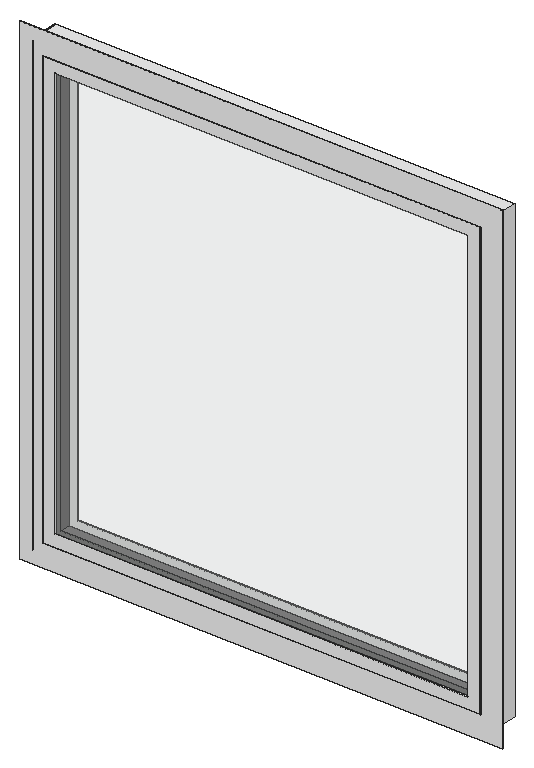
Revit family "Casement_34_F_Top_Hung_Custom", category Windows, host Wall, Revit 2014
Parameters (values of type "Casement_Sash_DG")
  Width Sash [instance] = 30 mm
  Width Sash Inner = 15 mm
  Width Bead = 15 mm
  Top Hung [instance] = yes
  Side Hung Right [instance] = yes
  Side Hung Left [instance] = yes
  Sash Opening Width [instance] = 600 mm
  Sash Opening Height [instance] = 600.312 mm
  Sash Lip = 15 mm
  Glazing Material [instance] = Glass
  DG Start Piece 2 [instance] = DG End Piece 1 + DG Gasket Thickness  # 25 mm
  DG Start Peice 1 [instance] = (Depth Sash - (2 * DG Glazing Thickness) - DG Gasket Thickness) / 2  # 6.6 mm
  Glazing Offset = 5 mm
  DG Glazing Thickness [instance] = 6.4 mm
  DG Gasket Thickness = 12 mm  # constant formula
  DG Gasket Material [instance] = Double Glazing Gasket Material
  DG End Piece 2 [instance] = DG Start Piece 2 + DG Glazing Thickness  # 31.4 mm
  DG End Piece 1 [instance] = DG Start Peice 1 + DG Glazing Thickness  # 13 mm
  Depth Sash [instance] = 38 mm
  Center Vertical Sash [instance] = Sash Opening Height / 2  # 300.156 mm
  Center Horizontal Sash [instance] = Sash Opening Width / 2  # 300 mm
  Bottom Hung [instance] = yes
  Bead Offset = 15 mm
  Aluminium Thickness = 1 mm
  Aluminium Material [instance] = White Powder Coated Aluminium
Reference planes
  plane 1 "Center (Front/Back)": y = 0
  plane 2: z = 0
  plane 3 "Center (Left/Right)": x = 0
Forms (mm)
  Sweep 1, solid, material "White Powder Coated Aluminium" <- "Aluminium Material"
    path origin (16.177, 0, 121.331) x (1, 0, 0) y (0, 0, 1)
      loop
        line (0, 0) -> (600, 0) -> (600, 600.312) -> (0, 600.312) -> (0, 0)
    profile origin (316.177, 0, 121.331) x (0, 0, 1) y (0, -1, 0)
      loop
        line (0, 0) -> (30, 0) -> (30, 1) -> (15, 1) -> (15, 38) -> (-15, 38) -> (-15, 37) -> (0, 37) -> (0, 0)
      loop
        line (14, 1) -> (14, 37) -> (1, 37) -> (1, 1) -> (14, 1)
  Sweep 2, solid, material "White Powder Coated Aluminium" <- "Aluminium Material"
    path origin (0, 0, 0) x (1, 0, 0) y (0, 0, 1)
      loop
        line (31.177, 706.643) -> (31.177, 136.331) -> (601.177, 136.331) -> (601.177, 706.643) -> (31.177, 706.643)
    profile origin (316.177, 0, 706.643) x (0, 0, 1) y (0, -1, 0)
      loop
        line (0, 37) -> (0, 38) -> (-15, 38) -> (-15, 37) -> (0, 37)
  Extrusion 3, solid, material "Glass" <- "Glazing Material"
    sketch origin (0, 0, 0) x (1, 0, 0) y (0, 0, 1)
      loop
        line (36.177, 701.643) -> (36.177, 141.331) -> (596.177, 141.331) -> (596.177, 701.643) -> (36.177, 701.643)
    from 6.6 <- "DG Start Peice 1" to 13 <- "DG End Piece 1"
  Extrusion 4, solid, material "Glass" <- "Glazing Material"
    sketch origin (0, 0, 0) x (1, 0, 0) y (0, 0, 1)
      loop
        line (36.177, 701.643) -> (36.177, 141.331) -> (596.177, 141.331) -> (596.177, 701.643) -> (36.177, 701.643)
    from 31.4 <- "DG End Piece 2" to 25 <- "DG Start Piece 2"
  Sweep 5, solid, material "Double Glazing Gasket Material" <- "DG Gasket Material"
    path origin (0, -13, 0) x (1, 0, 0) y (0, 0, 1)
      loop
        line (36.177, 701.643) -> (36.177, 141.331) -> (596.177, 141.331) -> (596.177, 701.643) -> (36.177, 701.643)
    profile origin (316.177, -13, 701.643) x (0, 0, 1) y (0, -1, 0)
      loop
        line (0, 0) -> (0, 12) -> (-7.96, 12) -> (-7.96, 0) -> (0, 0)
Lines and regions (mm)
  model lines
    curve 1: line (1.177, -38, 736.643) -> (31.177, -38, 706.643)
    curve 2: line (601.177, -38, 706.643) -> (631.177, -38, 736.643)
    curve 3: line (601.177, -38, 136.331) -> (631.177, -38, 106.331)
    curve 4: line (1.177, -38, 106.331) -> (31.177, -38, 136.331)
    curve 5: line (631.177, -37, 736.643) -> (616.177, -37, 721.643)
    curve 6: line (1.177, -37, 736.643) -> (16.177, -37, 721.643)
    curve 7: line (1.177, -37, 106.331) -> (16.177, -37, 121.331)
    curve 8: line (631.177, -37, 106.331) -> (616.177, -37, 121.331)
    curve 9: line (616.177, 0, 121.331) -> (586.177, 0, 151.331)
    curve 10: line (46.177, 0, 151.331) -> (16.177, 0, 121.331)
    curve 11: line (616.177, 0, 721.643) -> (586.177, 0, 691.643)
    curve 12: line (46.177, 0, 691.643) -> (16.177, 0, 721.643)
    curve 13: line (31.177, -38, 691.643) -> (46.177, -38, 691.643)
    curve 14: line (586.177, -38, 691.643) -> (601.177, -38, 691.643)
    curve 15: line (586.177, -38, 151.331) -> (601.177, -38, 151.331)
    curve 16: line (31.177, -38, 151.331) -> (46.177, -38, 151.331)
  model lines, style "GenericModelHiddenLines", visible <- "Top Hung"
    curve 17: line (46.386, -31.4, 690.914) -> (316.177, -31.4, 151.331)
    curve 18: line (316.177, -31.4, 151.331) -> (586.177, -31.4, 691.331)
  model lines, style "GenericModelHiddenLines", visible <- "Bottom Hung"
    curve 19: line (46.177, -31.4, 151.331) -> (316.177, -31.4, 691.331)
    curve 20: line (316.177, -31.4, 691.331) -> (586.177, -31.4, 151.331)
  model lines, style "GenericModelHiddenLines", visible <- "Side Hung Left"
    curve 21: line (46.386, -31.4, 690.914) -> (585.24, -31.4, 421.487)
    curve 22: line (585.24, -31.4, 421.487) -> (46.177, -31.4, 151.331)
  model lines, style "GenericModelHiddenLines", visible <- "Side Hung Right"
    curve 23: line (586.177, -31.4, 691.331) -> (46.177, -31.4, 421.487)
    curve 24: line (46.177, -31.4, 421.487) -> (586.177, -31.4, 151.331)
Dimensions and locks
  "Aluminium Thickness": Sweep 1 sketch curve to Sweep 1 sketch curve  (x4)
  "Depth Sash": Sweep 1 sketch curve to Sweep 1 sketch curve
  "Sash Opening Width": Sweep 1 to Sweep 1
  "Sash Opening Height": Sweep 1 to Sweep 1
  "Width Sash": Sweep 1 sketch curve to Sweep 1 sketch curve  (x2)
  "Width Sash Inner": Sweep 1 sketch curve to Sweep 1 sketch curve
  "Sash Lip": Sweep 1 sketch curve to Sweep 1 sketch curve
  "Aluminium Thickness": Sweep 1 to Sweep 2 sketch curve
  "Glazing Offset": Sweep 2 to Extrusion 3 sketch curve  (x3)
  "Glazing Offset": Extrusion 3 sketch curve to Sweep 2
  Sweep 1 to Sweep 1 = 1 mm
  "Aluminium Thickness": Sweep 2 sketch curve to Sweep 2 sketch curve
  "Width Bead": Sweep 2 sketch curve to Sweep 2 sketch curve
  locked: Sweep 5 sketch curve to Sweep 5 sketch curve at 7.96
  "Center Horizontal Sash": Sweep 1 to curve 18
  "Center Horizontal Sash": Sweep 1 to curve 20
  "Center Vertical Sash": Sweep 1 to curve 22
  "Center Vertical Sash": Sweep 1 to curve 24
  aligned and locked: level to plane 2
  aligned and locked: Sweep 1 sketch curve to Sweep 1 sketch curve  (x2)
  aligned and locked: Sweep 2 sketch curve to Sweep 1  (x5)
  aligned and locked: Extrusion 4 sketch curve to Extrusion 3  (x4)
  aligned and locked: Sweep 5 sketch curve to Extrusion 3  (x5)
  aligned and locked: Extrusion 3 to Sweep 5 sketch curve
Automatic sketch dimensions
  plane 3 "Center (Left/Right)" to Sweep 1 sketch curve = 16.177 mm
  level to Sweep 1 sketch curve = 121.331 mm
  plane 3 "Center (Left/Right)" to Sweep 1 sketch curve = 616.177 mm
  level to Sweep 1 sketch curve = 721.643 mm
  profile plane to Sweep 5 sketch curve = 12 mm
  curve 7 to Sweep 1 = 0 mm  (x4)
  curve 6 to Sweep 1 = 0 mm  (x3)
  Sweep 1 to curve 6 = 0 mm
  curve 5 to Sweep 1 = 0 mm  (x3)
  curve 8 to Sweep 1 = 0 mm  (x4)
  Sweep 1 to curve 5 = 0 mm
  curve 16 to Sweep 2 = 0 mm  (x3)
  curve 13 to Sweep 2 = 0 mm  (x3)
  curve 15 to Sweep 2 = 0 mm
  Sweep 2 to curve 15 = 0 mm  (x2)
  curve 14 to Sweep 2 = 0 mm  (x2)
  Sweep 2 to curve 14 = 0 mm
  curve 1 to Sweep 1 = 0 mm  (x4)
  curve 4 to Sweep 1 = 0 mm  (x3)
  Sweep 1 to curve 4 = 0 mm
  curve 3 to Sweep 1 = 0 mm  (x3)
  curve 2 to Sweep 1 = 0 mm  (x4)
  Sweep 1 to curve 3 = 0 mm
  curve 10 to Sweep 1 = 0 mm  (x4)
  curve 12 to Sweep 1 = 0 mm  (x3)
  Sweep 1 to curve 12 = 0 mm
  curve 9 to Sweep 1 = 0 mm  (x4)
  curve 11 to Sweep 1 = 0 mm  (x3)
  Sweep 1 to curve 11 = 0 mm
  Sweep 1 sketch curve to plane 1 "Center (Front/Back)" = 0 mm
  profile plane to Sweep 1 sketch curve = 0 mm
  curve 21 to Extrusion 4 = 10.208 mm
  curve 19 to Extrusion 4 = 10 mm
  curve 23 to Extrusion 4 = 10 mm  (x2)
  curve 22 to Extrusion 4 = 10.937 mm
  curve 20 to Extrusion 4 = 10 mm
  curve 24 to Extrusion 4 = 10 mm
  curve 22 to Extrusion 4 = 10 mm
  curve 18 to Extrusion 4 = 10 mm
  curve 21 to Extrusion 4 = 10.729 mm
  curve 19 to Extrusion 4 = 10.312 mm
  curve 18 to Extrusion 4 = 10.312 mm
